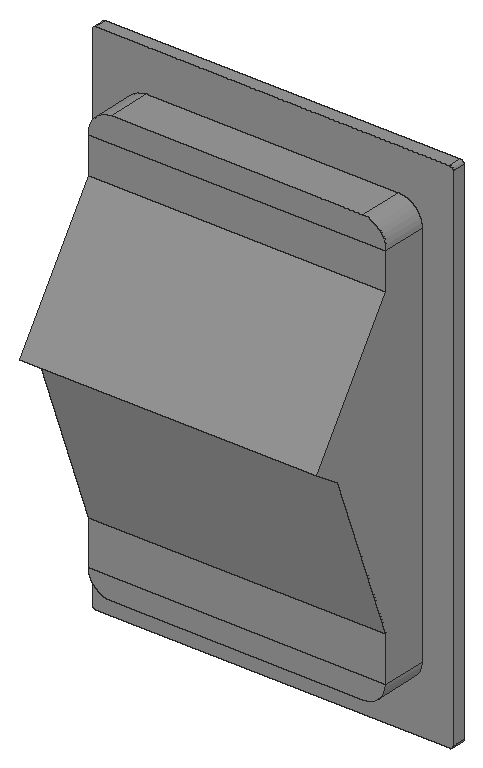
Revit family "L&L_LUCE&LIGHT_PASITO_MINI_1.1", category Lighting Fixtures, host Wall, Revit 2018 (continued)
Types (2, lengths in mm): name | built-in parameter 1150142 | Photometric Web File
    7.95 17.91 17.86 17.81 17.75 17.70 17.66 \r\n17.61 17.56 17.51 17.45 17.40 17.33 17.27 17.20 17.12 \r\n17.04 16.97 16.90 16.83 16.73 16.59 16.39 16.15 15.89 \r\n15.62 15.33 15.04 14.75 14.44 14.11 13.79 13.46 13.13 \r\n12.80 12.46 12.11 11.75 11.42 11.08 10.72 10.38 10.05 \r\n9.73 9.39 9.04 8.72 8.40 8.09 7.77 7.47 7.16 6.84 6.53 \r\n6.23 5.94 5.64 5.34 5.05 4.77 4.48 4.21 3.95 3.68 3.43 \r\n3.19 2.96 2.73 2.50 2.28 2.08 1.88 1.69 1.51 1.34 1.19 \r\n1.04 0.90 0.77 0.64 0.53 0.42 0.31 0.22 0.13 0.05 0.02 \r\n0.02 \r\n0.03 0.14 0.54 1.29 1.99 2.43 2.64 2.86 3.18 3.56 4.00 \r\n4.47 5.00 5.63 6.30 6.94 7.89 8.77 10.09 16.62 31.30 \r\n45.12 52.33 55.12 57.05 59.42 62.18 64.45 66.04 67.18 \r\n67.73 68.34 69.74 71.79 73.61 75.13 76.52 77.88 79.54 \r\n81.44 83.20 84.88 86.61 88.14 89.36 90.57 92.27 94.08 \r\n95.78 97.60 99.48 101.21 102.79 104.25 105.59 106.93 \r\n108.30 109.67 111.04 112.46 113.93 115.46 117.09 118.81 \r\n120.50 122.13 123.82 125.61 127.35 128.77 129.85 130.80 \r\n132.06 133.41 133.90 132.25 127.24 118.07 105.19 89.46 \r\n71.93 54.42 38.96 27.81 23.12 20.44 19.05 18.55 18.43 \r\n18.34 18.26 18.19 18.12 18.04 17.98 17.92 17.85 17.77 \r\n17.70 17.64 17.57 17.50 17.43 17.35 17.26 17.18 17.09 \r\n17.00 16.92 16.83 16.75 16.65 16.53 16.35 16.13 15.87 \r\n15.59 15.31 15.03 14.73 14.42 14.10 13.77 13.44 13.11 \r\n12.79 12.45 12.11 11.76 11.41 11.07 10.75 10.42 10.08 \r\n9.75 9.43 9.09 8.76 8.47 8.15 7.83 7.54 7.25 6.95 6.65 \r\n6.36 6.08 5.78 5.49 5.21 4.93 4.65 4.40 4.15 3.88 3.63 \r\n3.39 3.15 2.94 2.71 2.49 2.29 2.09 1.90 1.72 1.55 1.38 \r\n1.24 1.09 0.95 0.82 0.70 0.59 0.49 0.38 0.28 0.20 0.11 \r\n0.04 0.02 0.02 \r\n0.03 0.13 0.45 1.11 1.79 2.28 2.55 2.74 3.00 3.33 3.73 \r\n4.17 4.64 5.16 5.75 6.38 7.00 7.75 8.81 9.51 11.28 19.48 \r\n34.97 47.72 53.91 57.14 59.54 62.19 65.39 68.13 70.02 \r\n71.59 72.69 73.24 74.24 76.10 78.15 79.96 81.66 83.20 \r\n84.68 86.47 88.48 90.38 92.18 94.03 95.74 97.26 98.93 \r\n100.89 103.02 105.24 107.58 110.00 112.36 114.55 116.57 \r\n118.42 120.16 121.87 123.66 125.55 127.50 129.53 131.72 \r\n134.01 136.42 138.86 141.35 143.64 145.46 146.62 147.39 \r\n148.10 148.98 149.53 149.14 145.35 137.32 123.93 106.32 \r\n86.52 66.96 49.86 36.30 26.35 20.11 19.10 18.82 18.54 \r\n18.27 18.17 18.08 17.99 17.88 17.75 17.67 17.62 17.57 \r\n17.50 17.41 17.31 17.20 17.09 16.99 16.88 16.79 16.69 \r\n16.59 16.47 16.34 16.16 15.95 15.70 15.43 15.15 14.85 \r\n14.54 14.24 13.93 13.60 13.27 12.92 12.59 12.27 11.93 \r\n11.58 11.24 10.91 10.59 10.25 9.92 9.59 9.27 8.96 8.66 \r\n8.36 8.06 7.77 7.48 7.19 6.91 6.63 6.35 6.05 5.78 5.52 \r\n5.25 4.99 4.72 4.46 4.22 3.98 3.73 3.50 3.28 3.07 2.85 \r\n2.63 2.44 2.24 2.05 1.87 1.71 1.55 1.39 1.25 1.10 0.97 \r\n0.85 0.73 0.62 0.53 0.43 0.34 0.25 0.17 0.10 0.04 0.02 \r\n0.02 \r\n0.03 0.12 0.36 0.91 1.54 2.08 2.42 2.63 2.83 3.09 3.41 \r\n3.80 4.24 4.68 5.17 5.72 6.31 6.90 7.49 8.20 9.07 9.81 \r\n11.11 16.05 30.70 47.46 55.91 58.77 61.02 64.15 67.61 \r\n70.39 72.41 74.45 76.43 77.55 78.14 79.34 81.43 83.60 \r\n85.39 87.12 88.91 90.51 92.18 94.30 96.69 99.06 101.34 \r\n103.65 105.93 108.10 110.35 112.94 115.83 118.87 121.91 \r\n124.81 127.53 130.02 132.34 134.65 137.01 139.49 142.07 \r\n144.80 147.62 150.49 153.31 155.97 158.43 160.78 163.15 \r\n165.75 168.72 171.55 173.24 172.50 168.04 158.88 145.15 \r\n127.21 105.54 81.72 58.42 38.32 24.82 23.05 21.36 19.72 \r\n18.10 18.00 17.89 17.78 17.68 17.58 17.49 17.39 17.29 \r\n17.19 17.08 16.97 16.85 16.71 16.58 16.45 16.33 16.20 \r\n16.05 15.87 15.67 15.42 15.15 14.85 14.54 14.23 13.91 \r\n13.58 13.24 12.90 12.56 12.23 11.89 11.55 11.21 10.88 \r\n10.56 10.23 9.91 9.60 9.29 8.98 8.67 8.38 8.10 7.82 7.54 \r\n7.26 6.99 6.71 6.45 6.19 5.93 5.67 5.41 5.15 4.90 4.66 \r\n4.42 4.20 3.97 3.75 3.53 3.32 3.11 2.90 2.70 2.51 2.32 \r\n2.14 1.98 1.82 1.66 1.50 1.36 1.22 1.09 0.97 0.86 0.74 \r\n0.64 0.55 0.46 0.38 0.29 0.22 0.15 0.08 0.03 0.02 0.02 \r\n0.03 0.11 0.25 0.70 1.26 1.79 2.22 2.49 2.67 2.86 3.11 \r\n3.41 3.76 4.16 4.57 5.01 5.49 6.03 6.58 7.14 7.70 8.28 \r\n8.90 9.54 10.32 13.42 22.38 35.88 48.55 56.12 59.40 62.70 \r\n67.35 71.73 73.51 74.70 77.84 81.48 83.78 83.69 84.57 \r\n87.15 89.83 91.28 92.37 93.93 96.30 98.50 100.15 102.31 \r\n105.52 109.20 112.67 115.90 118.93 121.88 124.93 127.86 \r\n130.89 134.09 137.41 140.80 144.09 147.29 150.38 153.48 \r\n156.72 160.18 163.97 168.18 172.57 176.91 181.00 184.73 \r\n188.23 191.73 195.36 198.95 199.58 198.20 193.69 184.83 \r\n165.49 137.30 106.15 76.50 54.19 41.18 31.43 23.84 17.94 \r\n17.82 17.69 17.56 17.43 17.27 17.14 17.02 16.91 16.74 \r\n16.52 16.39 16.29 16.17 16.06 15.91 15.72 15.50 15.25 \r\n14.98 14.70 14.39 14.07 13.74 13.40 13.05 12.71 12.36 \r\n12.01 11.67 11.32 10.98 10.64 10.32 10.01 9.69 9.38 9.06 \r\n8.76 8.47 8.20 7.92 7.65 7.38 7.11 6.85 6.60 6.35 6.11 \r\n5.86 5.62 5.39 5.15 4.91 4.68 4.46 4.26 4.05 3.84 3.63 \r\n3.43 3.25 3.05 2.85 2.67 2.50 2.33 2.17 2.01 1.85 1.71 \r\n1.56 1.42 1.30 1.18 1.05 0.94 0.83 0.72 0.63 0.54 0.47 \r\n0.39 0.32 0.25 0.19 0.12 0.06 0.03 0.02 0.02 \r\n0.03 0.10 0.22 0.52 0.96 1.42 1.86 2.23 2.48 2.67 2.85 \r\n3.06 3.31 3.61 3.95 4.31 4.69 5.10 5.54 6.01 6.49 6.97 \r\n7.46 7.93 8.46 9.01 9.54 10.05 10.67 11.51 14.16 16.48 \r\n16.26 19.70 23.75 25.36 23.69 22.77 23.36 26.94 28.03 \r\n26.50 24.90 25.36 27.59 30.09 30.13 29.01 30.28 32.62 \r\n35.28 36.65 37.83 41.24 44.09 48.38 51.87 56.56 61.22 \r\n67.70 74.08 80.29 86.68 93.31 101.22 110.17 118.70 128.21 \r\n137.60 146.31 155.90 165.52 174.40 183.96 194.25 204.21 \r\n215.08 227.27 239.41 249.08 253.29 250.28 238.68 219.40 \r\n193.88 163.68 130.36 96.43 64.73 37.96 18.81 18.38 17.95 \r\n17.52 17.08 16.77 16.61 16.45 16.28 16.11 15.93 15.74 \r\n15.54 15.34 15.16 14.96 14.69 14.38 14.04 13.67 13.30 \r\n12.95 12.61 12.27 11.92 11.55 11.18 10.82 10.47 10.13 \r\n9.81 9.50 9.19 8.88 8.59 8.29 8.01 7.75 7.50 7.25 7.00 \r\n6.74 6.49 6.25 6.02 5.80 5.57 5.35 5.13 4.92 4.71 4.51 \r\n4.31 4.12 3.93 3.75 3.56 3.37 3.19 3.02 2.85 2.69 2.54 \r\n2.38 2.22 2.08 1.94 1.81 1.69 1.55 1.42 1.30 1.19 1.08 \r\n0.97 0.87 0.77 0.68 0.59 0.52 0.45 0.38 0.31 0.26 0.20 \r\n0.15 0.10 0.05 0.02 0.02 0.02 \r\n0.03 0.09 0.18 0.34 0.67 1.02 1.38 1.73 2.06 2.37 2.58 \r\n2.75 2.92 3.12 3.36 3.62 3.91 4.23 4.57 4.93 5.30 5.68 \r\n6.07 6.47 6.89 7.31 7.72 8.12 8.52 8.97 9.47 9.92 10.33 \r\n10.78 11.23 11.62 12.03 12.43 12.85 13.28 13.53 13.72 \r\n13.89 14.15 14.42 14.66 14.93 15.03 15.21 15.38 15.54 \r\n15.68 15.82 15.99 16.12 16.21 16.31 16.43 16.57 16.69 \r\n16.79 16.86 16.94 17.03 17.10 17.16 17.23 17.31 17.40 \r\n17.48 17.55 17.60 17.63 17.78 18.16 18.80 19.67 20.72 \r\n22.32 24.49 26.86 29.27 31.45 33.00 33.59 32.92 30.75 \r\n27.38 23.46 19.66 16.72 16.59 16.44 16.25 16.06 15.86 \r\n15.67 15.47 15.26 15.05 14.78 14.51 14.27 14.02 13.74 \r\n13.42 13.06 12.68 12.29 11.89 11.49 11.10 10.72 10.36 \r\n10.00 9.66 9.32 8.99 8.67 8.38 8.09 7.81 7.54 7.27 7.02 \r\n6.78 6.55 6.33 6.11 5.89 5.67 5.46 5.26 5.06 4.87 4.68 \r\n4.49 4.30 4.11 3.93 3.77 3.60 3.45 3.29 3.13 2.97 2.82 \r\n2.68 2.54 2.40 2.27 2.14 2.02 1.90 1.77 1.65 1.53 1.43 \r\n1.32 1.22 1.12 1.03 0.94 0.85 0.77 0.69 0.61 0.54 0.47 \r\n0.40 0.34 0.29 0.24 0.20 0.16 0.11 0.07 0.04 0.02 0.02 \r\n0.02 \r\n0.03 0.07 0.14 0.25 0.40 0.65 0.88 1.13 1.38 1.65 1.94 \r\n2.20 2.44 2.61 2.80 2.98 3.18 3.38 3.60 3.83 4.08 4.36 \r\n4.66 4.97 5.28 5.57 5.87 6.17 6.49 6.84 7.19 7.54 7.89 \r\n8.23 8.58 8.93 9.30 9.68 10.05 10.43 10.82 11.21 11.60 \r\n11.96 12.31 12.66 12.98 13.30 13.59 13.87 14.13 14.35 \r\n14.54 14.71 14.84 14.96 15.08 15.20 15.30 15.40 15.50 \r\n15.58 15.66 15.74 15.82 15.90 15.96 16.03 16.09 16.14 \r\n16.19 16.22 16.25 16.27 16.29 16.30 16.30 16.29 16.27 \r\n16.25 16.21 16.16 16.11 16.04 15.96 15.88 15.80 15.70 \r\n15.60 15.50 15.38 15.26 15.12 14.97 14.80 14.61 14.41 \r\n14.17 13.91 13.62 13.28 12.90 12.49 12.06 11.61 11.16 \r\n10.71 10.26 9.83 9.42 9.03 8.67 8.33 8.02 7.72 7.44 7.17 \r\n6.92 6.68 6.44 6.21 5.99 5.77 5.56 5.35 5.15 4.96 4.79 \r\n4.62 4.45 4.28 4.12 3.97 3.81 3.66 3.51 3.36 3.21 3.08 \r\n2.95 2.82 2.70 2.58 2.45 2.33 2.21 2.10 2.00 1.89 1.79 \r\n1.69 1.59 1.50 1.41 1.32 1.23 1.14 1.06 0.98 0.90 0.83 \r\n0.76 0.69 0.63 0.56 0.50 0.44 0.38 0.33 0.28 0.24 0.20 \r\n0.17 0.14 0.11 0.08 0.05 0.03 0.02 0.02 0.02 \r\n0.03 0.06 0.11 0.16 0.25 0.35 0.44 0.59 0.72 0.85 1.01 \r\n1.20 1.42 1.65 1.87 2.06 2.24 2.44 2.63 2.81 3.00 3.18 \r\n3.35 3.53 3.72 3.91 4.12 4.33 4.55 4.77 5.01 5.25 5.49 \r\n5.73 5.98 6.24 6.52 6.80 7.08 7.36 7.65 7.93 8.23 8.52 \r\n8.81 9.09 9.34 9.58 9.81 10.02 10.21 10.38 10.53 10.67 \r\n10.81 10.94 11.05 11.17 11.27 11.37 11.46 11.54 11.61 \r\n11.67 11.72 11.76 11.79 11.82 11.85 11.87 11.89 11.91 \r\n11.93 11.94 11.95 11.95 11.94 11.92 11.90 11.87 11.83 \r\n11.80 11.76 11.72 11.67 11.60 11.53 11.44 11.34 11.24 \r\n11.14 11.04 10.94 10.83 10.69 10.52 10.32 10.07 9.80 9.50 \r\n9.19 8.86 8.53 8.19 7.86 7.55 7.25 6.96 6.68 6.41 6.16 \r\n5.93 5.71 5.50 5.30 5.11 4.92 4.74 4.56 4.39 4.23 4.07 \r\n3.93 3.79 3.66 3.52 3.39 3.27 3.14 3.02 2.90 2.79 2.68 \r\n2.57 2.46 2.36 2.26 2.17 2.08 1.99 1.91 1.82 1.74 1.65 \r\n1.56 1.48 1.40 1.33 1.26 1.19 1.13 1.06 1.00 0.93 0.87 \r\n0.81 0.75 0.69 0.64 0.59 0.54 0.49 0.44 0.40 0.35 0.31 \r\n0.27 0.23 0.20 0.17 0.14 0.11 0.09 0.08 0.06 0.05 0.04 \r\n0.03 0.02 0.02 0.02 \r\n0.03 0.05 0.07 0.10 0.14 0.17 0.20 0.24 0.28 0.32 0.36 \r\n0.40 0.46 0.55 0.65 0.75 0.84 0.92 1.01 1.10 1.18 1.28 \r\n1.39 1.50 1.62 1.74 1.86 1.98 2.11 2.25 2.38 2.50 2.62 \r\n2.73 2.85 2.98 3.12 3.27 3.43 3.59 3.74 3.87 4.00 4.13 \r\n4.25 4.37 4.49 4.60 4.70 4.80 4.89 4.97 5.04 5.11 5.17 \r\n5.24 5.30 5.36 5.42 5.47 5.53 5.58 5.63 5.67 5.71 5.74 \r\n5.77 5.81 5.84 5.87 5.89 5.91 5.92 5.91 5.91 5.90 5.89 \r\n5.88 5.87 5.86 5.84 5.81 5.78 5.75 5.71 5.67 5.64 5.61 \r\n5.58 5.55 5.51 5.47 5.41 5.35 5.26 5.15 5.02 4.88 4.72 \r\n4.56 4.41 4.26 4.12 3.98 3.85 3.72 3.58 3.45 3.33 3.21 \r\n3.10 3.00 2.90 2.82 2.73 2.64 2.55 2.46 2.38 2.29 2.21 \r\n2.13 2.06 1.98 1.91 1.84 1.77 1.71 1.64 1.58 1.51 1.45 \r\n1.39 1.33 1.27 1.22 1.17 1.13 1.08 1.04 0.99 0.95 0.90 \r\n0.85 0.81 0.77 0.72 0.68 0.65 0.61 0.57 0.54 0.50 0.47 \r\n0.44 0.40 0.37 0.34 0.31 0.28 0.26 0.23 0.20 0.18 0.16 \r\n0.14 0.12 0.10 0.08 0.06 0.05 0.05 0.04 0.04 0.04 0.03 \r\n0.03 0.02 0.02 0.02 0.02 \r\n0.03 0.04 0.04 0.04 0.04 0.05 0.05 0.06 0.06 0.07 0.07 \r\n0.08 0.09 0.09 0.10 0.11 0.12 0.13 0.13 0.14 0.15 0.16 \r\n0.17 0.17 0.18 0.19 0.20 0.21 0.21 0.22 0.23 0.24 0.24 \r\n0.25 0.26 0.26 0.27 0.27 0.28 0.28 0.29 0.29 0.30 0.30 \r\n0.31 0.31 0.32 0.33 0.33 0.34 0.34 0.35 0.36 0.36 0.37 \r\n0.38 0.38 0.39 0.39 0.40 0.41 0.41 0.42 0.43 0.43 0.44 \r\n0.44 0.45 0.46 0.46 0.47 0.47 0.48 0.48 0.49 0.50 0.50 \r\n0.51 0.51 0.52 0.52 0.52 0.53 0.53 0.53 0.54 0.54 0.54 \r\n0.54 0.55 0.55 0.55 0.55 0.55 0.55 0.54 0.54 0.54 0.54 \r\n0.54 0.53 0.53 0.53 0.53 0.52 0.52 0.51 0.51 0.51 0.50 \r\n0.50 0.49 0.49 0.48 0.48 0.47 0.47 0.46 0.46 0.45 0.45 \r\n0.44 0.43 0.43 0.42 0.41 0.41 0.40 0.39 0.38 0.38 0.37 \r\n0.36 0.35 0.35 0.34 0.33 0.32 0.31 0.30 0.30 0.29 0.28 \r\n0.27 0.26 0.25 0.24 0.23 0.22 0.21 0.21 0.20 0.19 0.18 \r\n0.17 0.16 0.15 0.14 0.13 0.12 0.11 0.11 0.10 0.09 0.08 \r\n0.07 0.06 0.05 0.04 0.03 0.03 0.03 0.02 0.02 0.02 0.02 \r\n0.02 0.02 0.02 0.02 0.02 \r\n" | "PASITO MINI 1.1 AE 150°x90° [2700K 5W 24Vdc] white.IES"
